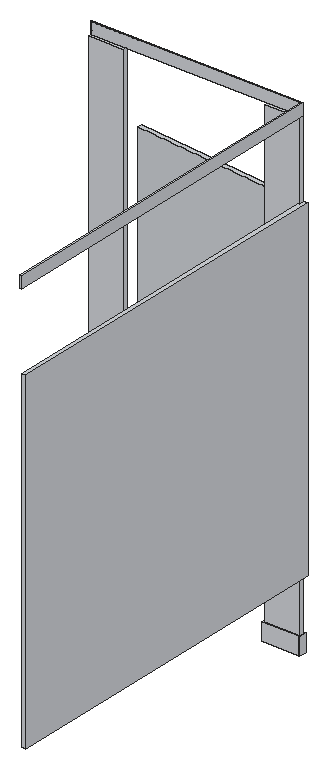
Revit family "toilet stall 3", category Generic Models, host Wall, Revit 2013
Parameters (values of type "toilet stall 2")
  Foot wrap material = none
  stall offset from floor = 1' - 0"
  metal framing material = none
  height of metal frame = 7' - 0"
  Stall width = 3' - 0"
  Stall height from floor = 5' - 9"
  Stall Material = none
  Length of stall = 5' - 0"
  Door width = 2' - 0"
  Door distance from left wall = 0' - 6"
  Door Swing angle = 5.00°
Types (3): name | height of metal frame | Stall width | Stall height from floor | Door Swing angle
  toilet stall 2 | 7' - 0" | 3' - 0" | 5' - 9" | 5.00°
  toilet stall 2 skinny 2 | 7' - 8" | 3' - 2" | 5' - 9 3/4" | 20.00°
  toilet stall 2 skinny | 7' - 8" | 3' - 0" | 5' - 9 3/4" | 20.00°
Reference planes (in)
  plane 1: y = 0
  plane 2 "Center (Left/Right)": x = 0
  plane 3 "Wall Edge": y = 3
  plane 4: x = 18
  plane 5: x = -18
  plane 6: z = 12
  plane 7: z = 0
  plane 8: z = 69
  plane 9: y = 63
  plane 10: x = -12
  plane 11: x = 12
  plane 12: z = 84
Forms (in)
  Extrusion 1, solid, material <- "Stall Material"
    sketch origin (18, 3, 0) x (0, 1, 0) y (0, 0, 1)
      loop
        line (0, 69) -> (0, 12) -> (60, 12) -> (60, 69) -> (0, 69)
    from 0 to 0.75
  Extrusion 2, solid, material <- "Stall Material"
    sketch origin (-178.89191, 63, 0) x (1, 0, 0) y (0, 0, 1)
      loop
        line (196.89191, 82) -> (190.89191, 82) -> (190.89191, 0) -> (196.89191, 0) -> (196.89191, 82)
      loop
        line (160.89191, 0) -> (166.89191, 0) -> (166.89191, 82) -> (160.89191, 82) -> (160.89191, 0)
    from 0 to 0.75
  Extrusion 3, solid, material <- "Stall Material"
    sketch origin (12, 63, 0) x (-0.996195, 0.087156, 0) y (0, 0, 1)
      loop
        line (0, 69) -> (0, 12) -> (24, 12) -> (24, 69) -> (0, 69)
    from 0 to 0.75
  Extrusion 4, solid, material <- "Foot wrap material"
    sketch origin (0, 0, 0) x (1, 0, 0) y (0, 1, 0)
      loop
        line (18, 63) -> (12, 63) -> (12, 62.25) -> (18, 62.25) -> (18, 63)
      loop
        line (18, 63.25) -> (12, 63.25) -> (11.75, 63.25) -> (11.75, 62) -> (18, 62) -> (18.25, 62) -> (18.25, 63.25) -> (18, 63.25)
    from 0 to 3
  Extrusion 5, solid, material <- "Foot wrap material"
    sketch origin (0, 0, 0) x (1, 0, 0) y (0, 1, 0)
      loop
        line (-12, 62.25) -> (-18, 62.25) -> (-18, 62) -> (-11.75, 62) -> (-11.75, 62.25) -> (-11.75, 63) -> (-11.75, 63.25) -> (-18, 63.25) -> (-18, 63) -> (-12, 63) -> (-12, 62.25)
    from 0 to 3
  Extrusion 6, solid, material <- "metal framing material"
    sketch origin (0, 0, 0) x (1, 0, 0) y (0, 1, 0)
      loop
        line (18, 3) -> (18, 63) -> (-18, 63) -> (-18, 62.75) -> (-17.75, 62.75) -> (17.75, 62.75) -> (17.75, 3.25) -> (17.75, 3) -> (18, 3)
    from 82 to 84
Lines and regions (in)
  reference lines
    curve 1: line (-18, 3, 0) -> (-18, 60, 0)
    curve 2: line (18, 3, 0) -> (18, 67, 0)
    curve 3: line (-179.01539, 63, 0) -> (-99.01539, 63, 0)
    curve 4: line (12, 63, 0) -> (-11.90867, 65.09174, 0)
Text (in)
  text "Placement Side" at (0, 40.15149, 123.01588), in view "Right"
  text "Placement Side" at (-70.3804, 28.46503, 0), in view "Ref. Level"
  text "Placement Side" at (0, 81.62555, 140.59947), in view "Left"
Dimensions and locks (in)
  locked: plane 3 "Wall Edge" to host wall
  "stall offset from floor": plane 7 to plane 6
  equal spacing: plane 4, plane 2 "Center (Left/Right)", plane 5
  "Stall width": plane 4 to plane 5
  "Stall height from floor": plane 7 to plane 8
  "Length of stall": plane 3 "Wall Edge" to plane 9
  "Door width": plane 10 to plane 11
  "Door distance from left wall": plane 5 to plane 10
  "Door width": curve 4 to curve 4
  locked: Extrusion 4 to Extrusion 4 at 3
  locked: Extrusion 4 to Extrusion 2 at 0.25
  locked: Extrusion 6 to Extrusion 6 at 2
  "height of metal frame": plane 7 to plane 12
  "Door Swing angle": angle curve 4 to plane 9
  aligned and locked: plane 7 to level
  aligned and locked: Extrusion 1 to plane 6
  aligned and locked: plane 8 to Extrusion 1
  aligned and locked: plane 6 to Extrusion 3 sketch curve
  aligned and locked: Extrusion 3 to curve 4  (x2)
  aligned and locked: plane 8 to Extrusion 3
  aligned and locked: Extrusion 4 to level
  aligned and locked: Extrusion 4 to plane 4
  aligned and locked: Extrusion 6 sketch curve to Extrusion 1
  aligned and locked: Extrusion 6 sketch curve to curve 2
  aligned and locked: Extrusion 6 sketch curve to plane 9
  aligned and locked: plane 12 to Extrusion 6
  aligned and locked: Extrusion 2 to Extrusion 6  (x2)
  aligned and locked: plane 4 to Extrusion 2
  aligned and locked: plane 5 to Extrusion 2
  aligned and locked: plane 5 to Extrusion 5  (x2)
  aligned and locked: Extrusion 2 to plane 11
  aligned and locked: curve 4 to Extrusion 4
  aligned and locked: curve 4 to Extrusion 2
  aligned and locked: plane 10 to Extrusion 2
  aligned and locked: Extrusion 6 sketch curve to Extrusion 2
Automatic sketch dimensions
  curve 3 to Extrusion 2 sketch curve = 13' - 11.01539"
  Extrusion 2 sketch curve to curve 3 = 0' - 0"  (x2)
  Extrusion 2 sketch curve to Extrusion 2 sketch curve = 0' - 6"
  curve 3 to Extrusion 2 sketch curve = 6' - 10"
  curve 3 to Extrusion 2 sketch curve = 6' - 9.01539"
  Extrusion 2 sketch curve to Extrusion 2 sketch curve = 2' - 0"
  Extrusion 3 sketch curve to curve 4 = 0' - 0"  (x2)
  Extrusion 1 sketch curve to curve 2 = 0' - 0"
  curve 2 to Extrusion 1 sketch curve = 1' - 0"
  curve 2 to Extrusion 1 sketch curve = 5' - 9"
  Extrusion 1 sketch curve to curve 2 = 0' - 4"
  curve 4 to Extrusion 3 sketch curve = 5' - 9"
  plane 11 to Extrusion 4 sketch curve = 0' - 0"
  Extrusion 4 sketch curve to plane 11 = 0' - 0"
  Extrusion 4 sketch curve to plane 4 = 0' - 0"  (x3)
  Extrusion 4 sketch curve to plane 9 = 0' - 0"
  Extrusion 4 sketch curve to plane 11 = 0' - 0 1/4"
  plane 4 to Extrusion 4 sketch curve = 0' - 0 1/4"
  Extrusion 4 sketch curve to plane 9 = 0' - 0 3/4"
  Extrusion 4 sketch curve to Extrusion 4 sketch curve = 0' - 0 1/4"
  plane 9 to Extrusion 4 sketch curve = 0' - 0 1/4"
  Extrusion 5 sketch curve to plane 9 = 0' - 0"  (x2)
  Extrusion 5 sketch curve to plane 10 = 0' - 0"
  Extrusion 5 sketch curve to plane 9 = 0' - 1"
  plane 9 to Extrusion 5 sketch curve = 0' - 0 1/4"
  Extrusion 5 sketch curve to plane 5 = 0' - 0"  (x2)
  plane 10 to Extrusion 5 sketch curve = 0' - 0 1/4"
  Extrusion 5 sketch curve to Extrusion 5 sketch curve = 0' - 0 1/4"  (x2)
  Extrusion 2 sketch curve to curve 3 = 6' - 10"
  Extrusion 6 sketch curve to plane 5 = 0' - 0 1/4"
  Extrusion 6 sketch curve to plane 4 = 0' - 0 1/4"
  host wall to Extrusion 6 sketch curve = 0' - 0 1/4"
  Extrusion 6 sketch curve to plane 9 = 0' - 0 1/4"
  curve 3 to plane 9 = 0' - 0"
  curve 1 to plane 5 = 0' - 0"
  curve 4 to plane 9 = 0' - 0"
  curve 4 to plane 11 = 0' - 0"
  curve 2 to plane 4 = 0' - 0"
  curve 2 to host wall = 0' - 0"
  curve 1 to host wall = 0' - 0"
  plane 5 to curve 3 = 6' - 9.01539"
  curve 3 to curve 3 = 6' - 8"
  curve 1 to plane 9 = 0' - 3"
  plane 9 to curve 2 = 0' - 4"
